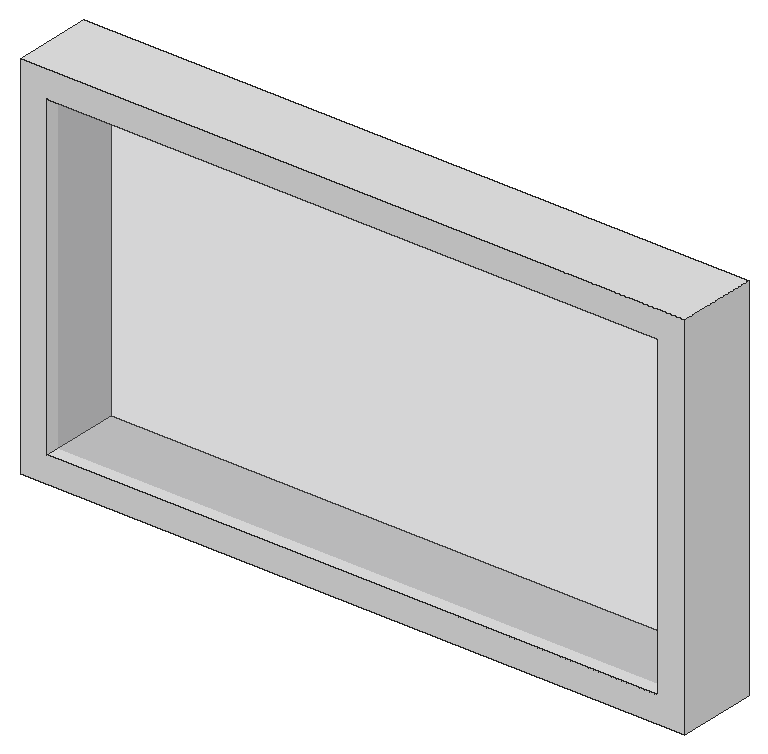
Revit family "CT_Janela_Painel_1Vid", category Windows, host Wall, Revit 2025
Family settings
  Host = Wall
  OmniClass Number = 23.30.20.00
  OmniClass Title = Windows
  Always vertical = Yes
  Cut with Voids When Loaded = No
  Shared = No
  Room Calculation Point = Yes
Parameters (values of type "JAN_FAC_1PA")
  Material_Vidro = CT_Vidros
  Material_Esquadria = CT_Aluminio
  Height [instance] = 0.700 m
  Espess_Esquadria = 0.050 m
  Define Thermal Properties by = Schematic Type
  Default Sill Height = 0.800 m
  Wall Closure = By host
  Width [instance] = 1.250 m
  Analytic Construction = "<None>"
Reference planes (m)
  plane 1 "Center (Front/Back)": y = 0
  plane 2 "Center (Left/Right)": x = 0
  plane 3 "Left": x = -0.625
  plane 4 "Right": x = 0.625
  plane 5 "Sill": z = 0.8
  plane 6 "Head": z = 1.5
  plane 7 "Exterior": y = 0.075
  plane 8 "Interior": y = -0.075
Forms (m)
  Extrusion 1, solid, material "CT_Aluminio" <- "Material_Esquadria"
    sketch origin (0, 0.075, 0) x (1, 0, 0) y (0, 0, 1)
      loop
        line (0.625, 1.5) -> (-0.625, 1.5) -> (-0.625, 0.8) -> (0.625, 0.8) -> (0.625, 1.5)
      loop
        line (0.575, 1.45) -> (-0.575, 1.45) -> (-0.575, 0.85) -> (0.575, 0.85) -> (0.575, 1.45)
    from 0 to 0.15
  Extrusion 2, solid, material "CT_Vidros" <- "Material_Vidro"
    sketch origin (0, 0.075, 0) x (1, 0, 0) y (0, 0, 1)
      loop
        line (0.6, 1.475) -> (-0.6, 1.475) -> (-0.6, 0.825) -> (0.6, 0.825) -> (0.6, 1.475)
    from 0.109773 to 0.124766
Lines and regions (m)
  Opening 1
    outline origin (3.5, -0.075, 0) x (1, 0, 0) y (0, 0, 1)
      loop
        line (-2.875, 0.8) -> (-2.875, 1.5) -> (-4.125, 1.5) -> (-4.125, 0.8) -> (-2.875, 0.8)
Text (m)
  text "EXTERIOR" at (-1.963203, 1.332353, 0), in view "Ref. Level"
  text "INTERIOR" at (-1.981466, -0.818386, 0), in view "Ref. Level"
  text "Exterior" at (0, 0.923751, 2.943296), in view "Right"
  text "Exterior" at (0, 1.040484, 2.685409), in view "Left"
Dimensions and locks (m)
  equal spacing: plane 3 "Left", plane 2 "Center (Left/Right)", plane 4 "Right"
  "Width": plane 3 "Left" to plane 4 "Right"
  "Height": plane 5 "Sill" to plane 6 "Head"
  "Default Sill Height": plane 5 "Sill" to level
  locked: plane 7 "Exterior" to host wall
  locked: plane 8 "Interior" to host wall
  "Espess_Esquadria": Extrusion 1 sketch curve to Extrusion 1 sketch curve  (x4)
  plane 5 "Sill" to Extrusion 1 sketch curve = 0.000 m
  locked: Extrusion 1 to Extrusion 2 at 0.025234
  locked: Extrusion 2 to Extrusion 2 at 0.014993
  locked: Extrusion 1 to Extrusion 1 at 0.15
  aligned and locked: Extrusion 1 sketch curve to host wall  (x3)
  aligned and locked: plane 5 "Sill" to Extrusion 1
  aligned and locked: plane 8 "Interior" to Extrusion 1
Automatic sketch dimensions
  Opening 1 sketch curve to plane 3 "Left" = 0.000 m
  Opening 1 sketch curve to plane 4 "Right" = 0.000 m
  Opening 1 sketch curve to plane 5 "Sill" = 0.000 m
  Opening 1 sketch curve to plane 6 "Head" = 0.000 m
  Extrusion 2 sketch curve to plane 3 "Left" = 0.025 m
  plane 4 "Right" to Extrusion 2 sketch curve = 0.025 m
  Extrusion 2 sketch curve to plane 5 "Sill" = 0.025 m
  plane 6 "Head" to Extrusion 2 sketch curve = 0.025 m
